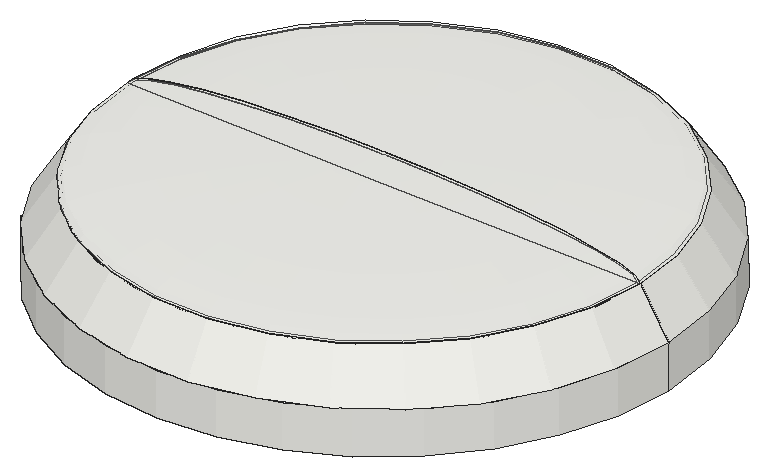
Revit family "6c959cf2a53342e79c394897db05e418", category Lighting Fixtures, host Face, Revit 2021
Family settings
  Host = Face
  Round Connector Dimension = Use Diameter
  Part Type = Normal
  OmniClass Number = 23.80.70.11.14.11
  OmniClass Title = Downlights
  Cut with Voids When Loaded = No
  Light Source = Yes
  Shared = No
  Room Calculation Point = No
Parameters (values of type "LED15FMM9-W120")
  Wattage = 15 W
  built-in parameter 1150110 = 1 (stored number, unit not read)
  Voltage = 120 V
  built-in parameter 1114217 = 1 (stored number, unit not read)
  Tilt Angle = -90.00°
  built-in parameter 1150109 = 1 (stored number, unit not read)
  built-in parameter 1150134 = (empty or 0)
  built-in parameter 1150113 = 1 (stored number, unit not read)
  Photometric Web File = "LED15FMM9.IES"
  Number of Poles = 1
  built-in parameter 1150105 = 77.588 (stored number, unit not read)
  Lumens = 975 lm
  built-in parameter 1150115 = 1 (stored number, unit not read)
  Load Classification = Lighting - Dwelling Unit
  built-in parameter 1150137 = (empty or 0)
  built-in parameter 1150139 = (empty or 0)
  built-in parameter 1150112 = 1 (stored number, unit not read)
  Diffuser Material = Glass, White, High Luminance
  built-in parameter 1150114 = 1 (stored number, unit not read)
  Lamp = "LED"
  built-in parameter 1150132 = (empty or 0)
  built-in parameter 1150102 = (empty or 0)
  built-in parameter 1150107 = 2700 (stored number, unit not read)
  built-in parameter 1150138 = (empty or 0)
  built-in parameter 1150106 = 0.77588 (stored number, unit not read)
  built-in parameter 1150104 = 6.0387 (stored number, unit not read)
  Dimming Lamp Color Temperature Shift = <None>
  Default Elevation = 4' - 0"
  Color Filter = 16777215
  Diffuser Diameter = Shade Diameter 2  # 0' - 9"
  Shade Diameter 2 = 0' - 9"
  Shade Diameter 1 = Shade Diameter 2 + 0' 1"  # 0' - 10"
  Shade Material = Steel, Paint Finish, Ivory, Glossy
  built-in parameter 1114218 = 1 (stored number, unit not read)
  built-in parameter 1150133 = 10 (stored number, unit not read)
  Apparent Load = 15 VA
Types (3): name | Photometric Web File | Diffuser Diameter | Shade Diameter 2 | Shade Diameter 1
  (no name) | "LED15FMM9.IES" | 0' - 9" | 0' - 9" | 0' - 10"
  LED15FM12-W120 | "LED15FM12.IES" | 1' - 0" | 1' - 0" | 1' - 1"
  LED15FMM9-W120 | "LED15FMM9.IES" | 0' - 9" | 0' - 9" | 0' - 10"
Reference planes (in)
  plane 1 "Center (Front/Back)": y = 0
  plane 2: z = 0
  plane 3 "Center (Left/Right)": x = 0
  plane 4: z = 0.75
  plane 5: z = 1.5
  plane 6: z = 2
  plane 7: x = 5
  plane 8: x = -5
  plane 9: x = 4.5
  plane 10: x = -4.5
  plane 11: x = 4.5
  plane 12: x = -4.5
  plane 13: z = 1.95
  plane 14: x = 4.45
  plane 15: x = -4.45
Forms (in)
  Revolve 1, solid, material "Steel, Paint Finish, Ivory, Glossy" <- "Shade Material", detail levels medium+fine
    sketch origin (0, 0, 0) x (1, 0, 0) y (0, 0, 1)
      loop
        line (5, 0) -> (5, 0.75) -> (4.5, 1.5) -> (0, 1.5) -> (0, 0) -> (5, 0)
      axis (0, 0) -> (0, 1.5)
    angle from 0 to 360
  Revolve 2, solid, material "Glass, White, High Luminance" <- "Diffuser Material", detail levels medium+fine
    sketch origin (0, 0, 0) x (1, 0, 0) y (0, 0, 1)
      loop
        spline (4.5, 1.5) -> (4.4615, 1.56526) -> (4.34667, 1.62941) -> (4.15746, 1.69134) -> (3.89711, 1.75) -> (3.57009, 1.80438) -> (3.18198, 1.85355) -> (2.73943, 1.89668) -> (2.25, 1.93301) -> (1.72208, 1.96194) -> (1.16469, 1.98296) -> (0.58737, 1.99572) -> (0, 2)
        line (0, 2) -> (0, 1.95)
        spline (0, 1.95) -> (0.58084, 1.94615) -> (1.15174, 1.93467) -> (1.70294, 1.91575) -> (2.225, 1.88971) -> (2.70899, 1.85701) -> (3.14663, 1.8182) -> (3.53042, 1.77394) -> (3.85381, 1.725) -> (4.11126, 1.67221) -> (4.29837, 1.61647) -> (4.41193, 1.55874) -> (4.45, 1.5)
        line (4.45, 1.5) -> (4.5, 1.5)
      axis (0, 1.5) -> (0, 2)
    angle from 0 to 360
Lines and regions (in)
  symbolic lines, detail levels coarse
    curve 1: circle (0, 0, 0) r 4.5 normal (0, 0, 1)
Dimensions and locks (in)
  equal spacing: plane 2, plane 4, plane 5
  plane 2 to plane 5 = 0' - 1 1/2"
  plane 2 to plane 6 = 0' - 2"
  equal spacing: plane 8, plane 3 "Center (Left/Right)", plane 7
  "Shade Diameter 1": plane 8 to plane 7
  equal spacing: plane 10, plane 3 "Center (Left/Right)", plane 9
  "Shade Diameter 2": plane 10 to plane 9
  equal spacing: plane 12, plane 3 "Center (Left/Right)", plane 11
  "Diffuser Diameter": plane 12 to plane 11
  plane 13 to plane 6 = 0' - 0.05"
  plane 14 to plane 11 = 0' - 0.05"
  plane 12 to plane 15 = 0' - 0.05"
  "Diffuser Diameter": diameter of curve 1
  aligned and locked: plane 2 to host face
  aligned and locked: level to host face
  aligned and locked: plane 7 to Revolve 1 sketch curve  (x2)
  aligned and locked: plane 4 to Revolve 1 sketch curve
  aligned and locked: plane 5 to Revolve 2 sketch curve  (x3)
  aligned and locked: plane 3 "Center (Left/Right)" to Revolve 2 sketch curve  (x4)
  aligned and locked: plane 6 to Revolve 2 sketch curve
  aligned and locked: plane 11 to Revolve 2 sketch curve
  aligned and locked: Revolve 2 sketch curve to plane 5
  aligned and locked: plane 3 "Center (Left/Right)" to imposter light
  aligned and locked: Revolve 1 sketch curve to plane 2
  aligned and locked: Revolve 1 sketch curve to plane 5
  aligned and locked: plane 3 "Center (Left/Right)" to Revolve 1 sketch curve
  aligned and locked: Revolve 1 sketch curve to plane 3 "Center (Left/Right)"
  aligned and locked: plane 5 to imposter light
  aligned and locked: plane 14 to Revolve 2 sketch curve
  aligned and locked: plane 13 to Revolve 2 sketch curve
  aligned and locked: Revolve 2 sketch curve to plane 3 "Center (Left/Right)"
  aligned and locked: plane 1 "Center (Front/Back)" to curve 1
  aligned and locked: plane 3 "Center (Left/Right)" to curve 1
Automatic sketch dimensions
  host sketch curve to host sketch curve = 3' - 2.79108"
  host sketch curve to host sketch curve = 3' - 3.93544"
  plane 9 to Revolve 1 sketch curve = 0' - 0"
  Revolve 1 sketch curve to level = 2' - 0"
  plane 6 to Revolve 1 sketch curve = 8' - 4.0196"
  Revolve 2 sketch curve to level = 2' - 0"
  Revolve 2 sketch curve to Revolve 2 sketch curve = 8' - 4.0196"
Connectors (in)
  electrical at (0, 0, 0), driven by "Number of Poles", driven by "Load Classification", driven by "Voltage", driven by "Apparent Load", driven by "Apparent Load"
    settings: on Revolve 1, index 1, voltage 120 V, apparent load 15 VA, apparent load phase1 15 VA, apparent load phase2 0 VA, apparent load phase3 0 VA, power factor 0.95, load classification "Lighting - Dwelling Unit", number of poles 1, system type 31, power factor state 1, is connector primary yes, connector utility no, sub classification motor no, connector description ""
